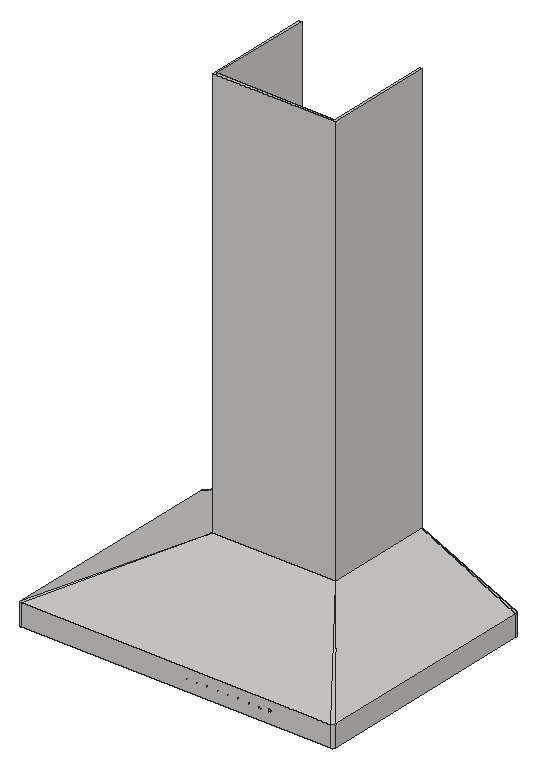
Revit family "Hood-Wall", category Specialty Equipment, Revit 2023
Family settings
  Round Connector Dimension = Use Diameter
  Part Type = Normal
  OmniClass Number = 23.40.40.14
  OmniClass Title = Food Service Equipment
  Work Plane-Based = No
  Enable Cutting in Views = No
  Always vertical = Yes
  Cut with Voids When Loaded = No
  Maintain Annotation Orientation = No
  Shared = No
  Room Calculation Point = No
Parameters (values of type "30"")
  Width = 2' - 6"
  Voltage = 120 V
  Vent Diameter = 0' - 6"
  Type Comments = ""
  Show Label = no
  Power Consumption = 300 VA
  Label = "Vent Hood"
  Housing Depth = 0' - 2"
  Exhaust Flow = 600 CFM
  Description = "Wall Hood"
  Default Elevation = 0' - 0"
  Chase Width = 0' - 11 3/4"
  Depth = 1' - 10"
  Chase Height [instance] = 3' - 3 1/4"
  Chase Depth [instance] = 0' - 10.3189"
  Assembly Code = "E1090320"
  Vent Screen = Appliance - Vent Screen
  Appliance Finish = Appliance - Stainless Steel
  Amperage = Power Consumption / Voltage  # 2.5 A
Types (2): name | Width
  36" | 3' - 0"
  30" | 2' - 6"
Reference planes (in)
  plane 1 "Chase Front": y = 1.80709
  plane 2: z = 0
  plane 3 "Center (Left/Right)": x = 0
  plane 4 "Left": x = -15
  plane 5 "Right": x = 15
  plane 6 "Back": y = 12.12598
  plane 7 "Front Edge": y = -9.87402
  plane 8 "B.O. Chase": z = 6
  plane 9 "Ceiling": z = 45.25
  plane 10: x = -5.875
  plane 11: x = 5.875
  plane 12 "Transition": z = 2
  plane 13 "Chase Extension": z = 12
  plane 14: y = -4.87402
  plane 15 "Lights": y = -4.76772
  plane 16: y = -19.87402
Forms (in)
  Extrusion 1, solid, material "Appliance - Stainless Steel" <- "Appliance Finish"
    sketch origin (0, 0, 0) x (1, 0, 0) y (0, 1, 0)
      loop
        arc (-14.75, 12.12598) -> (-14.92678, 12.05276) -> (-15, 11.87598) r 0.25
        line (-15, 11.87598) -> (-15, -9.62402)
        arc (-15, -9.62402) -> (-14.92678, -9.80079) -> (-14.75, -9.87402) r 0.25
        line (-14.75, -9.87402) -> (14.75, -9.87402)
        arc (14.75, -9.87402) -> (14.92678, -9.80079) -> (15, -9.62402) r 0.25
        line (15, -9.62402) -> (15, 11.87598)
        arc (15, 11.87598) -> (14.92678, 12.05276) -> (14.75, 12.12598) r 0.25
        line (14.75, 12.12598) -> (-14.75, 12.12598)
      loop
        line (-13, 11.12598) -> (-13, -7.76772) -> (13, -7.76772) -> (13, 11.12598) -> (-13, 11.12598)
    from 0 to 2
  Blend 2, solid, material "Appliance - Stainless Steel" <- "Appliance Finish"
    base sketch origin (0, 0, 2) x (0, -1, 0) y (1, 0, 0)
      loop
        arc (-12.12598, -14.75) -> (-12.05276, -14.92678) -> (-11.87598, -15) r 0.25
        line (-11.87598, -15) -> (9.62402, -15)
        arc (9.62402, -15) -> (9.80079, -14.92678) -> (9.87402, -14.75) r 0.25
        line (9.87402, -14.75) -> (9.87402, 14.75)
        arc (9.87402, 14.75) -> (9.80079, 14.92678) -> (9.62402, 15) r 0.25
        line (9.62402, 15) -> (-11.87598, 15)
        arc (-11.87598, 15) -> (-12.05276, 14.92678) -> (-12.12598, 14.75) r 0.25
        line (-12.12598, 14.75) -> (-12.12598, -14.75)
    top sketch origin (0, 0, 2) x (0, -1, 0) y (1, 0, 0)
      loop
        line (-12.12598, -5.875) -> (-1.80709, -5.875) -> (-1.80709, 5.875) -> (-12.12598, 5.875) -> (-12.12598, -5.875)
    from 0 to 4
  Extrusion 3, solid, material "Appliance - Stainless Steel" <- "Appliance Finish"
    sketch origin (0, 0, 6) x (-1, 0, 0) y (0, -1, 0)
      loop
        line (5.875, -12.12598) -> (5.875, -1.80709) -> (-5.875, -1.80709) -> (-5.875, -12.12598) -> (-5.625, -12.12598) -> (-5.625, -2.05709) -> (5.625, -2.05709) -> (5.625, -12.12598) -> (5.875, -12.12598)
    from 6 to 39.25
  Extrusion 4, void
    sketch origin (0, -9.87402, 0) x (-1, 0, 0) y (0, 0, 1)
      loop
        line (-0.99117, 1.1378) -> (-1.23132, 1.1378) -> (-1.23132, 1.05512) -> (-0.99117, 1.05512) -> (-0.99117, 1.1378)
      loop
        line (-1.97542, 1.1378) -> (-2.21558, 1.1378) -> (-2.21558, 1.05512) -> (-1.97542, 1.05512) -> (-1.97542, 1.1378)
      loop
        line (-2.95968, 1.1378) -> (-3.19983, 1.1378) -> (-3.19983, 1.05512) -> (-2.95968, 1.05512) -> (-2.95968, 1.1378)
      loop
        line (-3.94393, 1.1378) -> (-4.18408, 1.1378) -> (-4.18408, 1.05512) -> (-3.94393, 1.05512) -> (-3.94393, 1.1378)
      loop
        line (-4.92818, 1.1378) -> (-5.16833, 1.1378) -> (-5.16833, 1.05512) -> (-4.92818, 1.05512) -> (-4.92818, 1.1378)
      loop
        line (-5.91243, 1.1378) -> (-6.164, 1.1378) -> (-6.164, 1.05512) -> (-5.91243, 1.05512) -> (-5.91243, 1.1378)
      loop
        line (-7.88093, 1.1378) -> (-8.12108, 1.1378) -> (-8.12108, 1.05512) -> (-7.88093, 1.05512) -> (-7.88093, 1.1378)
      loop
        line (-8.86913, 1.28741) -> (-9.10141, 1.28741) -> (-9.10141, 1.05512) -> (-8.86913, 1.05512) -> (-8.86913, 1.28741)
    from 0 to 0.0625
  Extrusion 5, void
    sketch origin (0, -9.87402, 0) x (-1, 0, 0) y (0, 0, 1)
      loop
        line (-6.89669, 1.1378) -> (-7.13684, 1.1378) -> (-7.13684, 1.05512) -> (-6.89669, 1.05512) -> (-6.89669, 1.1378)
    from 0 to 0.0625
  Extrusion 6, solid, material "Appliance - Stainless Steel" <- "Appliance Finish"
    sketch origin (0, 0, 6) x (-1, 0, 0) y (0, -1, 0)
      loop
        line (5.875, -12.12598) -> (5.875, -1.80709) -> (-5.875, -1.80709) -> (-5.875, -12.12598) -> (5.875, -12.12598)
    from 0 to 6
  Extrusion 7, solid, material "Appliance - Vent Screen" <- "Vent Screen", detail levels medium+fine
    sketch origin (0, 0, 0) x (1, 0, 0) y (0, 1, 0)
      loop
        line (-13, 11.12598) -> (-13, -7.76772) -> (13, -7.76772) -> (13, 11.12598) -> (-13, 11.12598)
      loop
        circle (-5.875, -4.87402) r 1.5
      loop
        circle (5.875, -4.87402) r 1.5
    from 1 to 1.5
  Extrusion 8, solid, material "Appliance - Stainless Steel" <- "Appliance Finish", detail levels fine
    sketch origin (0, 12.12598, 0) x (-1, 0, 0) y (0, 0, 1)
      loop
        line (1, 1) -> (-1, 1) -> (-1, 0.5) -> (1, 0.5) -> (1, 1)
    from -19.8937 to -1
Cuts and joins
  Extrusion 4, Extrusion 5 cuts Extrusion 1
  joined: Extrusion 1, Blend 2, Extrusion 3, Extrusion 6
Lines and regions (in)
  Split face 1
    outline origin (-5.875, 12.12598, 12) x (-1, 0, 0) y (0, -1, 0)
      loop
        circle (-5.875, 5.15945) r 3
  Split face 2
    outline origin (14.75, 12.12598, 2) x (0, 0, -1) y (-1, 0, 0)
      loop
        circle (0.03149, 14.68014) r 0.5
  symbolic lines, style "Appliances - Hidden"
    curve 1: line (-5.875, 1.80709, 6) -> (-5.875, 12.12598, 6)
    curve 2: line (5.875, 1.80709, 6) -> (-5.875, 1.80709, 6)
    curve 3: line (5.875, 12.12598, 6) -> (5.875, 1.80709, 6)
    curve 4: line (-15, 12.12598, 6) -> (15, 12.12598, 6)
    curve 5: line (-15, 12.12598, 6) -> (-15, -9.87402, 6)
    curve 6: line (-15, -9.87402, 6) -> (15, -9.87402, 6)
    curve 7: line (15, 12.12598, 6) -> (15, -9.87402, 6)
    curve 8: line (-5.875, 1.80709, 6) -> (-15, -9.87402, 6)
    curve 9: line (5.875, 1.80709, 6) -> (15, -9.87402, 6)
Dimensions and locks (in)
  equal spacing: plane 4 "Left", plane 3 "Center (Left/Right)", plane 5 "Right"
  "Width": plane 4 "Left" to plane 5 "Right"
  equal spacing: plane 11, plane 3 "Center (Left/Right)", plane 10
  "Chase Width": plane 11 to plane 10
  "Chase Depth": plane 6 "Back" to plane 1 "Chase Front"
  "Chase Height": plane 9 "Ceiling" to plane 8 "B.O. Chase"
  locked: plane 8 "B.O. Chase" to level at 6
  Extrusion 1 sketch curve to plane 5 "Right" = 0' - 2"
  locked: plane 6 "Back" to Extrusion 1 sketch curve at 1
  Extrusion 1 sketch curve to plane 7 "Front Edge" = 0' - 2.1063"
  locked: plane 4 "Left" to Extrusion 1 sketch curve at 2
  locked: plane 13 "Chase Extension" to plane 8 "B.O. Chase" at 6
  equal spacing: plane 6 "Back", Split face 1 sketch curve, plane 1 "Chase Front"
  "Vent Diameter": Split face 1 sketch curve to Split face 1 sketch curve
  locked: plane 14 to plane 7 "Front Edge" at 5
  Extrusion 7 to Extrusion 7 to level = 0' - 0 1/2" locked, 0' - 1" locked
  Extrusion 8 sketch curve to plane 3 "Center (Left/Right)" to Extrusion 8 sketch curve = 0' - 1" locked, 0' - 1" locked
  Extrusion 8 sketch curve to Extrusion 8 sketch curve to level = 0' - 0 1/2" locked, 0' - 0 1/2" locked
  "Housing Depth": plane 12 "Transition" to level
  "Depth": plane 6 "Back" to plane 7 "Front Edge"
  locked: plane 15 "Lights" to plane 7 "Front Edge" at 5.1063
  locked: plane 7 "Front Edge" to plane 16 at 10
  aligned and locked: plane 2 to level
  aligned and locked: Extrusion 1 sketch curve to plane 6 "Back"
  aligned and locked: Extrusion 1 sketch curve to plane 5 "Right"
  aligned and locked: plane 7 "Front Edge" to Extrusion 1 sketch curve
  aligned and locked: plane 4 "Left" to Extrusion 1 sketch curve
  aligned and locked: Extrusion 1 to plane 12 "Transition"
  aligned and locked: Blend 2 sketch curve to Extrusion 1  (x4)
  aligned and locked: Blend 2 sketch curve to plane 6 "Back"
  aligned and locked: plane 10 to Blend 2 sketch curve
  aligned and locked: Blend 2 sketch curve to plane 1 "Chase Front"
  aligned and locked: Blend 2 sketch curve to plane 11
  aligned and locked: plane 12 "Transition" to Blend 2
  aligned and locked: plane 8 "B.O. Chase" to Blend 2
  aligned and locked: plane 6 "Back" to Extrusion 3 sketch curve  (x2)
  aligned and locked: plane 11 to Extrusion 3 sketch curve
  aligned and locked: plane 1 "Chase Front" to Extrusion 3 sketch curve
  aligned and locked: Extrusion 3 sketch curve to plane 10
  aligned and locked: plane 9 "Ceiling" to Extrusion 3
  aligned and locked: Extrusion 6 sketch curve to plane 1 "Chase Front"
  aligned and locked: Extrusion 6 sketch curve to plane 6 "Back"
  aligned and locked: plane 10 to Extrusion 6 sketch curve
  aligned and locked: Extrusion 6 sketch curve to plane 11
  aligned and locked: plane 13 "Chase Extension" to Extrusion 6
  aligned and locked: Extrusion 3 to Extrusion 6
  aligned and locked: Extrusion 6 to plane 8 "B.O. Chase"
  aligned and locked: plane 3 "Center (Left/Right)" to Split face 1 sketch curve
  aligned and locked: plane 10 to Extrusion 7 sketch curve
  aligned and locked: plane 11 to Extrusion 7 sketch curve
  aligned and locked: plane 14 to Extrusion 7 sketch curve  (x2)
  aligned and locked: nested 3 to plane 15 "Lights"
  aligned and locked: plane 10 to nested 3
  aligned and locked: plane 11 to nested 2
  aligned and locked: nested 2 to plane 15 "Lights"
  aligned and locked: Extrusion 8 to cut or joined group of Extrusion 1, Blend 2, Extrusion 3, Extrusion 4, Extrusion 5, Extrusion 6  (x2)
  aligned and locked: plane 3 "Center (Left/Right)" to nested 1
  aligned and locked: nested 1 to plane 16
  aligned and locked: curve 3 to plane 11
  aligned and locked: curve 2 to plane 1 "Chase Front"
  aligned and locked: plane 10 to curve 1
  aligned and locked: Extrusion 4 to plane 7 "Front Edge"
  aligned and locked: Extrusion 5 to plane 7 "Front Edge"
  aligned and locked: curve 4 to plane 6 "Back"
  aligned and locked: curve 5 to plane 4 "Left"
  aligned and locked: curve 6 to plane 7 "Front Edge"
  aligned and locked: curve 7 to plane 5 "Right"
Automatic sketch dimensions
  plane 4 "Left" to Extrusion 1 sketch curve = 0' - 0 1/4"  (x2)
  Extrusion 1 sketch curve to plane 5 "Right" = 0' - 0 1/4"  (x2)
  plane 12 "Transition" to Extrusion 4 sketch curve = 0' - 0.71259"
  plane 11 to Extrusion 4 sketch curve = 0' - 3.22641"
  Extrusion 4 sketch curve to Extrusion 4 sketch curve = 0' - 0.23229"  (x2)
  Extrusion 4 sketch curve to Extrusion 4 sketch curve = 0' - 0.74805"
  Extrusion 4 sketch curve to Extrusion 4 sketch curve = 0' - 0.24015"  (x6)
  plane 11 to Extrusion 4 sketch curve = 0' - 0.289"
  plane 11 to Extrusion 4 sketch curve = 0' - 0.03743"
  Extrusion 4 sketch curve to plane 11 = 0' - 0.70667"
  Extrusion 4 sketch curve to Extrusion 4 sketch curve = 0' - 0.7441"  (x4)
  plane 12 "Transition" to Extrusion 4 sketch curve = 0' - 0.8622"
  Extrusion 4 sketch curve to Extrusion 4 sketch curve = 0' - 0"  (x4)
  Extrusion 4 sketch curve to Extrusion 4 sketch curve = 0' - 0.1496"
  Extrusion 4 sketch curve to Extrusion 4 sketch curve = 0' - 0.08268"  (x7)
  plane 12 "Transition" to Extrusion 4 sketch curve = 0' - 0.94488"
  plane 11 to Extrusion 5 sketch curve = 0' - 1.26184"
  plane 11 to Extrusion 5 sketch curve = 0' - 1.02169"
  plane 12 "Transition" to Extrusion 5 sketch curve = 0' - 0.94488"
  Extrusion 5 sketch curve to Extrusion 5 sketch curve = 0' - 0.08268"
  Extrusion 3 sketch curve to Extrusion 3 sketch curve = 0' - 0 1/4"
  plane 10 to Extrusion 3 sketch curve = 0' - 0 1/4"
  Extrusion 3 sketch curve to plane 1 "Chase Front" = 0' - 0 1/4"
  cut or joined group of Extrusion 1, Blend 2, Extrusion 3, Extrusion 4, Extrusion 5, Extrusion 6 to Split face 2 sketch curve = 0' - 5.69486"
  cut or joined group of Extrusion 1, Blend 2, Extrusion 3, Extrusion 4, Extrusion 5, Extrusion 6 to Split face 2 sketch curve = 0' - 0.03149"
  plane 4 "Left" to Extrusion 7 sketch curve = 0' - 2"
  Extrusion 7 sketch curve to plane 5 "Right" = 0' - 2"
  plane 7 "Front Edge" to Extrusion 7 sketch curve = 0' - 2.1063"
  Extrusion 7 sketch curve to plane 6 "Back" = 0' - 1"
  radius of Split face 2 sketch curve = 0' - 0 1/2"
  radius of Extrusion 7 sketch curve = 0' - 1 1/2"  (x2)
Nested families (in)
  nested 1: "Label Annotation 3-32" at (0, -19.87402, 0), visible <- "Show Label", type "Label Annotation 3-32"
  nested 2: "Hood Light" at (5.875, -4.76772, 1), type "Hood Light", detail levels fine
  nested 3: "Hood Light" at (-5.875, -4.76772, 1), type "Hood Light", detail levels fine
Connectors (in)
  hvac at (0, 6.96654, 12), driven by "Vent Diameter", driven by "Exhaust Flow"
    settings: on cut or joined group of Extrusion 1, Blend 2, Extrusion 3, Extrusion 4, Extrusion 5, Extrusion 6, index 1, duct flow 600 CFM, flow factor 0, pres drop 0.00 in-wg, loss coef 0, conn angle 0.00°, conn width 12", conn height 12", conn diameter 6", duct sys type 3, conn prof type 0, flow config 1, flow direction 2, loss method 0, conn ref index -1, conn util no, is conn primary yes, conn desc "Hood Exhaust"
  electrical at (0.06986, 12.12598, 1.96851), driven by "Voltage", driven by "Power Consumption"
    settings: on cut or joined group of Extrusion 1, Blend 2, Extrusion 3, Extrusion 4, Extrusion 5, Extrusion 6, index 2, voltage 120 V, apparent load 300 VA, apparent load phase1 0 VA, apparent load phase2 0 VA, apparent load phase3 0 VA, power factor 1, load classification "Appliance", number of poles 1, system type 30, power factor state 1, is connector primary yes, connector utility no, sub classification motor no, connector description "Vent Hood Power"
Definition of nested family "Hood Light"
  Parameters (values of type "Hood Light")
    Wattage = 12.1178 W
    built-in parameter 1150110 = 1 (stored number, unit not read)
    built-in parameter 1114217 = 1 (stored number, unit not read)
    Tilt Angle = 90.00°
    built-in parameter 1150109 = 1 (stored number, unit not read)
    built-in parameter 1150134 = 5
    built-in parameter 1150113 = 1 (stored number, unit not read)
    built-in parameter 1010507 = 1.0472 (stored number, unit not read)
    built-in parameter 1010506 = 0.5236 (stored number, unit not read)
    Lumens = 1800 lm
    built-in parameter 1150115 = 1 (stored number, unit not read)
    built-in parameter 1150105 = 6018.4 (stored number, unit not read)
    Light Source Symbol Length = 3' - 0"
    Light Radius = 0' - 1 1/2"
    built-in parameter 1150137 = (empty or 0)
    built-in parameter 1150139 = (empty or 0)
    Light Fixture = none
    built-in parameter 1150112 = 1 (stored number, unit not read)
    built-in parameter 1150114 = 1 (stored number, unit not read)
    Lamp = "LED"
    built-in parameter 1150132 = 2
    built-in parameter 1150102 = (empty or 0)
    built-in parameter 1150138 = (empty or 0)
    built-in parameter 1150107 = 6000 (stored number, unit not read)
    built-in parameter 1150106 = 60.184 (stored number, unit not read)
    built-in parameter 1150104 = 13.8 (stored number, unit not read)
    Dimming Lamp Color Temperature Shift = (empty or 0)
    Default Elevation = 4' - 0"
    Color Filter = 16777215
    built-in parameter 1114218 = 1 (stored number, unit not read)
    built-in parameter 1150133 = 10 (stored number, unit not read)
  Reference planes (in)
    plane 1 "Light Source Axis (F/B)": y = 0
    plane 2: z = 0
    plane 3 "Light Source Axis (L/R)": x = 0
    plane 4 "Light Source Elevation": z = -0.48439
  Forms (in)
    Revolve 1, solid, material <- "Light Fixture", detail levels medium+fine
      sketch origin (0, 0, 0) x (1, 0, 0) y (0, 0, 1)
        loop
          line (-1.5, 0) -> (-1.61028, 0) -> (-1.61028, -0.125)
          arc (-1.61028, -0.125) -> (-1.54778, -0.1875) -> (-1.48528, -0.125) r 0.0625
          line (-1.48528, -0.125) -> (0, -0.125) -> (0, 0.53889) -> (-1.38972, 0.53889) -> (-1.5, 0.06123) -> (-1.5, 0)
        axis (0, -0.125) -> (0, 0.53889)
      angle from 0 to 360
  Dimensions and locks (in)
    locked: level to imposter light at 0.48439
    "Light Radius": plane 3 "Light Source Axis (L/R)" to Revolve 1 sketch curve
    equal spacing: Revolve 1 sketch curve, Revolve 1 sketch curve, Revolve 1 sketch curve
    aligned and locked: plane 1 "Light Source Axis (F/B)" to imposter light
    aligned and locked: plane 4 "Light Source Elevation" to imposter light
    aligned and locked: level to plane 2
  Automatic sketch dimensions
    Revolve 1 sketch curve to level = 0' - 0"  (x2)
    Revolve 1 sketch curve to plane 3 "Light Source Axis (L/R)" = 0' - 0"  (x2)
    Revolve 1 sketch curve to Revolve 1 sketch curve = 0' - 0.04778"
    Revolve 1 sketch curve to Revolve 1 sketch curve = 0' - 0.11028"
    Revolve 1 sketch curve to Revolve 1 sketch curve = 0' - 0 1/8"
    level to Revolve 1 sketch curve = 0' - 0.06123"
    level to Revolve 1 sketch curve = 0' - 0.53889"
    plane 4 "Light Source Elevation" to Revolve 1 sketch curve = 0' - 1 33/64"
Definition of nested family "Label Annotation 3-32"
  Parameters
    Label = "Vent Hood"
  Reference planes (in)
    plane 1: y = 0
    plane 2: x = 0
  Text (in)
    label "Label" at (0.00375, -0.00345, 0), shows "Label"
